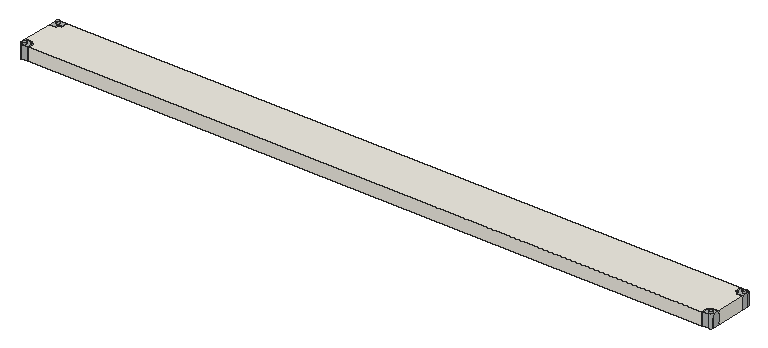
Revit family "HIGHTECH", category Осветительные приборы, Revit 2019 (continued)
Types (32, lengths in mm): name | Файл фотометрической сетки | built-in parameter 1150105 | Lumens | built-in parameter 1150106 | built-in parameter 1150142 | Wattage | Emit from Rectangle Width | Emit from Rectangle Length | Длина | Ширина | ADSK_Ток | ADSK_Полная мощность | ADSK_Обозначение | ADSK_Номинальная мощность | ADSK_Наименование | ADSK_Масса | ADSK_Код изделия
    .448 74.296 43.216 15.096 0.592 0.592 0.493 0.493 0.493 0.493 0.493 0.493 0.493 0.493 0.395 0.395 0.395 0.395 0.395 0.395 0.395 0.395 0.296 0.296 0.296 0.296 0.296 0.296 0.296 0.296 0.197 \r\n0.197 0.197 0.197 0.197 0.197 0.197 0.197 0.098 0.098 0.098 0.098 0.098 0.098 0.098 0.098 0.000 0.000 0.000 0.000 \r\n1417.637 1417.736 1414.775 1409.743 1402.146 1391.984 1379.355 1363.568 1345.709 1325.482 1303.283 1278.616 1252.272 1224.054 1193.862 1162.091 1128.940 1094.110 \r\n1058.097 1020.801 982.617 943.052 902.994 861.850 820.410 778.082 735.458 692.637 649.027 605.416 561.608 517.504 474.190 430.383 386.772 343.951 301.918 260.775 220.913 181.941 \r\n142.770 107.743 74.592 43.413 15.293 0.592 0.592 0.493 0.493 0.493 0.493 0.493 0.493 0.493 0.493 0.395 0.395 0.395 0.395 0.395 0.395 0.395 0.395 0.296 0.296 0.296 0.296 0.296 0.296 0.296 0.296 0.197 \r\n0.197 0.197 0.197 0.197 0.197 0.197 0.197 0.098 0.098 0.098 0.098 0.098 0.098 0.098 0.098 0.000 0.000 0.000 0.000 \r\n1417.637 1417.736 1414.874 1409.940 1402.344 1392.181 1379.650 1363.962 1346.104 1325.877 1303.776 1279.109 1252.766 1224.547 1194.454 1162.782 1129.531 1094.702 \r\n1058.788 1021.492 983.308 943.742 903.684 862.540 821.100 778.773 736.148 693.327 649.618 606.107 562.298 518.096 474.782 430.974 387.364 344.444 302.412 261.170 221.308 182.335 \r\n143.165 108.040 74.789 43.611 15.490 0.592 0.592 0.493 0.493 0.493 0.493 0.493 0.493 0.493 0.493 0.395 0.395 0.395 0.395 0.395 0.395 0.395 0.395 0.296 0.296 0.296 0.296 0.296 0.296 0.296 0.296 0.197 \r\n0.197 0.197 0.197 0.197 0.197 0.197 0.197 0.098 0.098 0.098 0.098 0.098 0.098 0.098 0.098 0.000 0.000 0.000 0.000 \r\n1417.637 1417.834 1414.973 1410.138 1402.541 1392.477 1379.946 1364.258 1346.499 1326.272 1304.171 1279.603 1253.259 1225.139 1195.045 1163.374 1130.123 1095.393 \r\n1059.478 1022.183 983.999 944.433 904.375 863.231 821.792 779.464 736.840 693.920 650.309 606.699 562.891 518.787 475.374 431.566 387.857 344.937 302.906 261.663 221.703 182.730 \r\n143.461 108.237 75.085 43.906 15.688 0.592 0.592 0.493 0.493 0.493 0.493 0.493 0.493 0.493 0.493 0.395 0.395 0.395 0.395 0.395 0.395 0.395 0.395 0.296 0.296 0.296 0.296 0.296 0.296 0.296 0.296 0.197 \r\n0.197 0.197 0.197 0.197 0.197 0.197 0.197 0.098 0.098 0.098 0.098 0.098 0.098 0.098 0.098 0.000 0.000 0.000 0.000 \r\n1417.637 1417.834 1415.071 1410.237 1402.837 1392.772 1380.243 1364.653 1346.892 1326.765 1304.664 1280.096 1253.752 1225.730 1195.638 1163.965 1130.814 1095.984 \r\n1060.071 1022.873 984.689 945.124 905.066 863.922 822.482 780.154 737.531 694.610 651.000 607.390 563.581 519.379 475.966 432.059 388.350 345.431 303.300 262.058 222.098 183.026 \r\n143.757 108.533 75.282 44.104 15.983 0.592 0.592 0.493 0.493 0.493 0.493 0.493 0.493 0.493 0.493 0.395 0.395 0.395 0.395 0.395 0.395 0.395 0.395 0.296 0.296 0.296 0.296 0.296 0.296 0.296 0.296 0.197 \r\n0.197 0.197 0.197 0.197 0.197 0.197 0.197 0.098 0.098 0.098 0.098 0.098 0.098 0.098 0.098 0.000 0.000 0.000 0.000 \r\n1417.637 1417.932 1415.170 1410.434 1403.034 1393.069 1380.636 1365.048 1347.287 1327.160 1305.157 1280.589 1254.344 1226.225 1196.230 1164.558 1131.406 1096.675 \r\n1060.761 1023.564 985.380 945.815 905.756 864.613 823.173 780.845 738.221 695.301 651.592 608.080 564.174 519.971 476.558 432.652 388.943 345.924 303.794 262.453 222.492 183.420 \r\n144.151 108.829 75.579 44.301 16.181 0.592 0.592 0.493 0.493 0.493 0.493 0.493 0.493 0.493 0.493 0.395 0.395 0.395 0.395 0.395 0.395 0.395 0.395 0.296 0.296 0.296 0.296 0.296 0.296 0.296 0.296 0.197 \r\n0.197 0.197 0.197 0.197 0.197 0.197 0.197 0.098 0.098 0.098 0.098 0.098 0.098 0.098 0.098 0.000 0.000 0.000 0.000 \r\n1417.637 1417.932 1415.268 1410.533 1403.232 1393.365 1380.933 1365.443 1347.682 1327.555 1305.552 1281.082 1254.837 1226.816 1196.821 1165.150 1131.998 1097.267 \r\n1061.452 1024.254 986.070 946.506 906.447 865.401 823.863 781.535 738.912 695.991 652.282 608.672 564.864 520.563 477.150 433.145 389.436 346.417 304.287 262.946 222.887 183.815 \r\n144.448 109.125 75.874 44.597 16.378 0.592 0.592 0.493 0.493 0.493 0.493 0.493 0.493 0.493 0.493 0.395 0.395 0.395 0.395 0.395 0.395 0.395 0.395 0.296 0.296 0.296 0.296 0.296 0.296 0.296 0.296 0.197 \r\n0.197 0.197 0.197 0.197 0.197 0.197 0.197 0.098 0.098 0.098 0.098 0.098 0.098 0.098 0.098 0.000 0.000 0.000 0.000 \r\n1417.637 1418.031 1415.368 1410.730 1403.527 1393.562 1381.229 1365.738 1348.077 1327.949 1306.045 1281.575 1255.331 1227.310 1197.414 1165.841 1132.689 1097.958 \r\n1062.043 1024.846 986.761 947.196 907.137 866.092 824.554 782.226 739.602 696.683 652.973 609.363 565.456 521.155 477.742 433.737 390.028 346.910 304.681 263.341 223.282 184.111 \r\n144.743 109.421 76.072 44.794 16.576 0.592 0.592 0.493 0.493 0.493 0.493 0.493 0.493 0.493 0.493 0.395 0.395 0.395 0.395 0.395 0.395 0.395 0.395 0.296 0.296 0.296 0.296 0.296 0.296 0.296 0.296 0.197 \r\n0.197 0.197 0.197 0.197 0.197 0.197 0.197 0.098 0.098 0.098 0.098 0.098 0.098 0.098 0.098 0.000 0.000 0.000 0.000 \r\n1417.637 1418.031 1415.466 1410.928 1403.725 1393.858 1381.524 1366.133 1348.472 1328.443 1306.440 1282.070 1255.824 1227.901 1198.006 1166.433 1133.280 1098.550 \r\n1062.735 1025.537 987.451 947.887 907.829 866.784 825.244 782.916 740.293 697.373 653.565 610.053 566.147 521.747 478.334 434.328 390.521 347.404 305.175 263.735 223.677 184.506 \r\n145.039 109.717 76.368 44.992 16.871 0.592 0.592 0.493 0.493 0.493 0.493 0.493 0.493 0.493 0.493 0.395 0.395 0.395 0.395 0.395 0.395 0.395 0.395 0.296 0.296 0.296 0.296 0.296 0.296 0.296 0.296 0.197 \r\n0.197 0.197 0.197 0.197 0.197 0.197 0.197 0.098 0.098 0.098 0.098 0.098 0.098 0.098 0.098 0.000 0.000 0.000 0.000 \r\n1417.637 1418.130 1415.565 1411.026 1403.922 1394.154 1381.919 1366.527 1348.866 1328.837 1306.933 1282.563 1256.416 1228.494 1198.597 1167.024 1133.873 1099.241 \r\n1063.425 1026.228 988.143 948.676 908.519 867.474 825.935 783.608 740.983 698.064 654.256 610.646 566.739 522.438 478.926 434.822 391.014 347.897 305.569 264.229 224.072 184.901 \r\n145.434 110.013 76.565 45.288 17.069 0.592 0.592 0.493 0.493 0.493 0.493 0.493 0.493 0.493 0.493 0.395 0.395 0.395 0.395 0.395 0.395 0.395 0.395 0.296 0.296 0.296 0.296 0.296 0.296 0.296 0.296 0.197 \r\n0.197 0.197 0.197 0.197 0.197 0.197 0.197 0.098 0.098 0.098 0.098 0.098 0.098 0.098 0.098 0.000 0.000 0.000 0.000 \r\n1417.637 1418.130 1415.762 1411.223 1404.218 1394.450 1382.216 1366.824 1349.261 1329.231 1307.427 1283.056 1256.910 1228.987 1199.190 1167.616 1134.563 1099.833 \r\n1064.016 1026.918 988.833 949.367 909.308 868.165 826.625 784.298 741.674 698.656 654.946 611.336 567.430 523.030 479.518 435.414 391.606 348.391 306.063 264.623 224.465 185.196 \r\n145.730 110.309 76.861 45.485 17.266 0.592 0.592 0.493 0.493 0.493 0.493 0.493 0.493 0.493 0.493 0.395 0.395 0.395 0.395 0.395 0.395 0.395 0.395 0.296 0.296 0.296 0.296 0.296 0.296 0.296 0.296 0.197 \r\n0.197 0.197 0.197 0.197 0.197 0.197 0.197 0.098 0.098 0.098 0.098 0.098 0.098 0.098 0.098 0.000 0.000 0.000 0.000 \r\n1417.637 1418.229 1415.861 1411.421 1404.415 1394.746 1382.512 1367.219 1349.656 1329.626 1307.821 1283.549 1257.403 1229.579 1199.782 1168.209 1135.155 1100.523 \r\n1064.708 1027.609 989.425 950.057 909.998 868.855 827.317 784.989 742.365 699.347 655.538 611.928 568.021 523.622 480.110 436.006 392.100 348.884 306.556 265.017 224.860 185.591 \r\n146.026 110.605 77.157 45.781 17.464 0.592 0.592 0.493 0.493 0.493 0.493 0.493 0.493 0.493 0.493 0.395 0.395 0.395 0.395 0.395 0.395 0.395 0.395 0.296 0.296 0.296 0.296 0.296 0.296 0.296 0.296 0.197 \r\n0.197 0.197 0.197 0.197 0.197 0.197 0.197 0.098 0.098 0.098 0.098 0.098 0.098 0.098 0.098 0.000 0.000 0.000 0.000 \r\n1417.637 1418.229 1415.960 1411.519 1404.613 1394.943 1382.807 1367.612 1350.051 1330.119 1308.315 1284.043 1257.896 1230.072 1200.275 1168.899 1135.748 1101.116 \r\n1065.398 1028.300 990.115 950.748 910.689 869.644 828.007 785.679 743.056 700.037 656.229 612.619 568.713 524.214 480.702 436.499 392.593 349.377 306.951 265.511 225.255 185.986 \r\n146.421 110.901 77.355 45.978 17.759 0.592 0.592 0.493 0.493 0.493 0.493 0.493 0.493 0.493 0.493 0.395 0.395 0.395 0.395 0.395 0.395 0.395 0.395 0.296 0.296 0.296 0.296 0.296 0.296 0.296 0.296 0.197 \r\n0.197 0.197 0.197 0.197 0.197 0.197 0.197 0.098 0.098 0.098 0.098 0.098 0.098 0.098 0.098 0.000 0.000 0.000 0.000 \r\n1417.637 1418.327 1416.058 1411.716 1404.810 1395.240 1383.202 1367.909 1350.445 1330.514 1308.808 1284.536 1258.488 1230.664 1200.867 1169.491 1136.339 1101.806 \r\n1066.089 1028.991 990.807 951.438 911.381 870.335 828.698 786.370 743.746 700.728 656.920 613.310 569.304 524.806 481.294 437.091 393.185 349.871 307.444 265.905 225.650 186.381 \r\n146.717 111.197 77.650 46.176 17.957 0.592 0.592 0.493 0.493 0.493 0.493 0.493 0.493 0.493 0.493 0.395 0.395 0.395 0.395 0.395 0.395 0.395 0.395 0.296 0.296 0.296 0.296 0.296 0.296 0.296 0.296 0.197 \r\n0.197 0.197 0.197 0.197 0.197 0.197 0.197 0.098 0.098 0.098 0.098 0.098 0.098 0.098 0.098 0.000 0.000 0.000 0.000 \r\n1417.637 1418.327 1416.156 1411.816 1405.106 1395.535 1383.498 1368.304 1350.839 1330.909 1309.203 1285.029 1258.981 1231.256 1201.459 1170.083 1137.030 1102.398 \r\n1066.680 1029.681 991.497 952.129 912.071 871.026 829.388 787.061 744.437 701.418 657.512 613.901 569.995 525.398 481.886 437.585 393.678 350.364 307.938 266.300 226.044 186.676 \r\n147.012 111.493 77.848 46.472 18.154 0.592 0.592 0.493 0.493 0.493 0.493 0.493 0.493 0.493 0.493 0.395 0.395 0.395 0.395 0.395 0.395 0.395 0.395 0.296 0.296 0.296 0.296 0.296 0.296 0.296 0.296 0.197 \r\n0.197 0.197 0.197 0.197 0.197 0.197 0.197 0.098 0.098 0.098 0.098 0.098 0.098 0.098 0.098 0.000 0.000 0.000 0.000 \r\n1417.637 1418.426 1416.255 1412.013 1405.303 1395.831 1383.794 1368.698 1351.234 1331.304 1309.696 1285.522 1259.474 1231.750 1202.051 1170.675 1137.622 1103.089 \r\n1067.372 1030.273 992.188 952.820 912.762 871.716 830.079 787.751 745.127 702.109 658.202 614.593 570.587 526.088 482.478 438.177 394.171 350.857 308.332 266.793 226.439 187.071 \r\n147.309 111.690 78.144 46.670 18.451 0.592 0.592 0.493 0.493 0.493 0.493 0.493 0.493 0.493 0.493 0.395 0.395 0.395 0.395 0.395 0.395 0.395 0.395 0.296 0.296 0.296 0.296 0.296 0.296 0.296 0.296 0.197 \r\n0.197 0.197 0.197 0.197 0.197 0.197 0.197 0.098 0.098 0.098 0.098 0.098 0.098 0.098 0.098 0.000 0.000 0.000 0.000 \r\n1417.637 1418.426 1416.354 1412.211 1405.501 1396.029 1384.090 1369.093 1351.629 1331.797 1310.189 1286.016 1259.968 1232.341 1202.643 1171.366 1138.214 1103.680 \r\n1068.062 1030.964 992.878 953.511 913.452 872.407 830.770 788.442 745.818 702.799 658.893 615.283 571.179 526.680 483.070 438.769 394.763 351.350 308.826 267.188 226.834 187.466 \r\n147.703 111.987 78.440 46.866 18.648 0.592 0.592 0.493 0.493 0.493 0.493 0.493 0.493 0.493 0.493 0.395 0.395 0.395 0.395 0.395 0.395 0.395 0.395 0.296 0.296 0.296 0.296 0.296 0.296 0.296 0.296 0.197 \r\n0.197 0.197 0.197 0.197 0.197 0.197 0.197 0.098 0.098 0.098 0.098 0.098 0.098 0.098 0.098 0.000 0.000 0.000 0.000 \r\n1417.637 1418.525 1416.453 1412.309 1405.796 1396.325 1384.485 1369.388 1352.024 1332.192 1310.584 1286.509 1260.560 1232.835 1203.235 1171.958 1138.905 1104.371 \r\n1068.654 1031.655 993.569 954.202 914.143 873.098 831.460 789.133 746.410 703.392 659.485 615.874 571.870 527.273 483.662 439.262 395.257 351.844 309.319 267.583 227.229 187.762 \r\n148.000 112.282 78.637 47.163 18.845 0.592 0.592 0.493 0.493 0.493 0.493 0.493 0.493 0.493 0.493 0.395 0.395 0.395 0.395 0.395 0.395 0.395 0.395 0.296 0.296 0.296 0.296 0.296 0.296 0.296 0.296 0.197 \r\n0.197 0.197 0.197 0.197 0.197 0.197 0.197 0.098 0.098 0.098 0.098 0.098 0.098 0.098 0.098 0.000 0.000 0.000 0.000 \r\n1417.637 1418.525 1416.551 1412.506 1405.994 1396.621 1384.781 1369.783 1352.419 1332.587 1311.077 1287.003 1261.053 1233.427 1203.827 1172.549 1139.497 1104.963 \r\n1069.345 1032.345 994.260 954.892 914.932 873.887 832.152 789.824 747.101 704.082 660.176 616.565 572.462 527.864 484.254 439.855 395.849 352.337 309.714 268.076 227.722 188.157 \r\n148.295 112.578 78.933 47.360 19.042 0.592 0.592 0.493 0.493 0.493 0.493 0.493 0.493 0.493 0.493 0.395 0.395 0.395 0.395 0.395 0.395 0.395 0.395 0.296 0.296 0.296 0.296 0.296 0.296 0.296 0.296 0.197 \r\n0.197 0.197 0.197 0.197 0.197 0.197 0.197 0.098 0.098 0.098 0.098 0.098 0.098 0.098 0.098 0.000 0.000 0.000 0.000 \r\n1417.637 1418.525 1416.453 1412.309 1405.796 1396.325 1384.485 1369.388 1352.024 1332.192 1310.584 1286.509 1260.560 1232.835 1203.235 1171.958 1138.905 1104.371 \r\n1068.654 1031.655 993.569 954.202 914.143 873.098 831.460 789.133 746.410 703.392 659.485 615.874 571.870 527.273 483.662 439.262 395.257 351.844 309.319 267.583 227.229 187.762 \r\n148.000 112.282 78.637 47.163 18.845 0.592 0.592 0.493 0.493 0.493 0.493 0.493 0.493 0.493 0.493 0.395 0.395 0.395 0.395 0.395 0.395 0.395 0.395 0.296 0.296 0.296 0.296 0.296 0.296 0.296 0.296 0.197 \r\n0.197 0.197 0.197 0.197 0.197 0.197 0.197 0.098 0.098 0.098 0.098 0.098 0.098 0.098 0.098 0.000 0.000 0.000 0.000 \r\n1417.637 1418.426 1416.354 1412.211 1405.501 1396.029 1384.090 1369.093 1351.629 1331.797 1310.189 1286.016 1259.968 1232.341 1202.643 1171.366 1138.214 1103.680 \r\n1068.062 1030.964 992.878 953.511 913.452 872.407 830.770 788.442 745.818 702.799 658.893 615.283 571.179 526.680 483.070 438.769 394.763 351.350 308.826 267.188 226.834 187.466 \r\n147.703 111.987 78.440 46.866 18.648 0.592 0.592 0.493 0.493 0.493 0.493 0.493 0.493 0.493 0.493 0.395 0.395 0.395 0.395 0.395 0.395 0.395 0.395 0.296 0.296 0.296 0.296 0.296 0.296 0.296 0.296 0.197 \r\n0.197 0.197 0.197 0.197 0.197 0.197 0.197 0.098 0.098 0.098 0.098 0.098 0.098 0.098 0.098 0.000 0.000 0.000 0.000 \r\n1417.637 1418.426 1416.255 1412.013 1405.303 1395.831 1383.794 1368.698 1351.234 1331.304 1309.696 1285.522 1259.474 1231.750 1202.051 1170.675 1137.622 1103.089 \r\n1067.372 1030.273 992.188 952.820 912.762 871.716 830.079 787.751 745.127 702.109 658.202 614.593 570.587 526.088 482.478 438.177 394.171 350.857 308.332 266.793 226.439 187.071 \r\n147.309 111.690 78.144 46.670 18.451 0.592 0.592 0.493 0.493 0.493 0.493 0.493 0.493 0.493 0.493 0.395 0.395 0.395 0.395 0.395 0.395 0.395 0.395 0.296 0.296 0.296 0.296 0.296 0.296 0.296 0.296 0.197 \r\n0.197 0.197 0.197 0.197 0.197 0.197 0.197 0.098 0.098 0.098 0.098 0.098 0.098 0.098 0.098 0.000 0.000 0.000 0.000 \r\n1417.637 1418.327 1416.156 1411.816 1405.106 1395.535 1383.498 1368.304 1350.839 1330.909 1309.203 1285.029 1258.981 1231.256 1201.459 1170.083 1137.030 1102.398 \r\n1066.680 1029.681 991.497 952.129 912.071 871.026 829.388 787.061 744.437 701.418 657.512 613.901 569.995 525.398 481.886 437.585 393.678 350.364 307.938 266.300 226.044 186.676 \r\n147.012 111.493 77.848 46.472 18.154 0.592 0.592 0.493 0.493 0.493 0.493 0.493 0.493 0.493 0.493 0.395 0.395 0.395 0.395 0.395 0.395 0.395 0.395 0.296 0.296 0.296 0.296 0.296 0.296 0.296 0.296 0.197 \r\n0.197 0.197 0.197 0.197 0.197 0.197 0.197 0.098 0.098 0.098 0.098 0.098 0.098 0.098 0.098 0.000 0.000 0.000 0.000 \r\n1417.637 1418.327 1416.058 1411.716 1404.810 1395.240 1383.202 1367.909 1350.445 1330.514 1308.808 1284.536 1258.488 1230.664 1200.867 1169.491 1136.339 1101.806 \r\n1066.089 1028.991 990.807 951.438 911.381 870.335 828.698 786.370 743.746 700.728 656.920 613.310 569.304 524.806 481.294 437.091 393.185 349.871 307.444 265.905 225.650 186.381 \r\n146.717 111.197 77.650 46.176 17.957 0.592 0.592 0.493 0.493 0.493 0.493 0.493 0.493 0.493 0.493 0.395 0.395 0.395 0.395 0.395 0.395 0.395 0.395 0.296 0.296 0.296 0.296 0.296 0.296 0.296 0.296 0.197 \r\n0.197 0.197 0.197 0.197 0.197 0.197 0.197 0.098 0.098 0.098 0.098 0.098 0.098 0.098 0.098 0.000 0.000 0.000 0.000 \r\n1417.637 1418.229 1415.960 1411.519 1404.613 1394.943 1382.807 1367.612 1350.051 1330.119 1308.315 1284.043 1257.896 1230.072 1200.275 1168.899 1135.748 1101.116 \r\n1065.398 1028.300 990.115 950.748 910.689 869.644 828.007 785.679 743.056 700.037 656.229 612.619 568.713 524.214 480.702 436.499 392.593 349.377 306.951 265.511 225.255 185.986 \r\n146.421 110.901 77.355 45.978 17.759 0.592 0.592 0.493 0.493 0.493 0.493 0.493 0.493 0.493 0.493 0.395 0.395 0.395 0.395 0.395 0.395 0.395 0.395 0.
